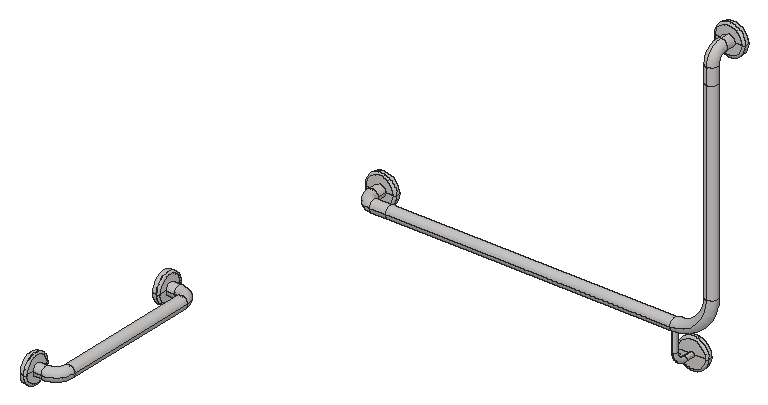
Revit family "RBA4090-345", category Plumbing Fixtures, Revit 2021
Family settings
  Round Connector Dimension = Use Diameter
  Part Type = Normal
  Work Plane-Based = No
  Always vertical = No
  Cut with Voids When Loaded = No
  Shared = No
  Room Calculation Point = No
Parameters (values of type "RBA4090-345")
  Watermarked By = "www.rba.com.au"
  URL = "http://www.rba.com.au/accessible-disabled/grab-rails"
  Phone Number = "1300 788 778"
  OFFSET = 1000.00 mm
  Modified Issue = "20190806.01"
  Model = "RBA4090-345"
  Materials and Finishes = Stainless Steel, Satin Finish
  Manufacturer Model = ""
  Manufacturer = "RBA Group"
  Distance Away from Wall [instance] = 100.00 mm
  Distance Away from Toilet [instance] = 1090.00 mm
  Description = "90° WC Grab Rail Set - Left Hand, 450 Straight"
  Default Elevation = 0.00 mm
  Copyrighted by = "RBA Group"  # constant formula
  Assembly Code = ""
Reference planes
  plane 1 "Center (Front/Back)": y = 0
  plane 2: z = 0
  plane 3: x = 40.5
  plane 4: z = 1000
  plane 5: z = 1700
  plane 6: z = 900
  plane 7: x = -59.5
  plane 8: x = -909.5
  plane 9: x = -1009.5
  plane 10: y = -57
  plane 11: y = -89
  plane 12: y = -1090
  plane 13: y = -1074
  plane 14: x = -920.5
  plane 15: x = -952.5
  plane 16: x = 24.5
  plane 17: z = 1016
Dimensions and locks
  "OFFSET": plane 4 to plane 2
  locked: plane 10 to plane 1 "Center (Front/Back)" at 57
  locked: plane 1 "Center (Front/Back)" to plane 11 at 89
  "Distance Away from Wall": plane 9 to plane 8
  locked: plane 13 to plane 12 at 16
  "Distance Away from Toilet": plane 1 "Center (Front/Back)" to plane 12
  plane 8 to plane 14 to plane 9 = 11.00 mm, 89.00 mm
  aligned and locked: plane 3 to nested 1
  aligned and locked: plane 4 to nested 1
  aligned and locked: nested 2 to plane 9
  aligned and locked: plane 13 to nested 2
  aligned and locked: nested 2 to plane 4
Nested families
  nested 1: "RBA4090-901" at (-950, 0, 1000), type "RBA4090-901"
  nested 2: "RBA4000-000" at (-1009.5, -2002, 1000) x (0, 1, 0) z (0, 0, 1), type "RBA4000-045"
Definition of nested family "RBA4090-901"
  Parameters (values of type "RBA4090-901")
    Watermarked By = "www.rba.com.au"
    URL = "http://www.rba.com.au/accessible-disabled/grab-rails"
    R_Void [instance] = 15.00 mm
    R [instance] = 0.00 mm
    Phone Number = "1300 788 778"
    Model = "RBA4090-901"
    Manufacturer Model = "B819436"
    Manufacturer = "Bobrick"
    Description = "90° Angled Grab Rails"
    Default Elevation = 0.00 mm
    Copyrighted by = "RBA Group"  # constant formula
    BAR = none
    Assembly Code = ""
  Reference planes
    plane 1 "Center (Front/Back)": y = 0
    plane 2: z = 0
    plane 3: x = 40.5
    plane 4: z = -30
    plane 5: z = 30
    plane 6: x = 70.5
    plane 7: x = 10.5
    plane 8: x = 990.5
    plane 9: x = 515.5
    plane 10: z = 670
    plane 11: z = 730
    plane 12: x = 960.5
    plane 13: x = 1020.5
    plane 14: z = 700
    plane 15: z = -130
    plane 16: z = -70
    plane 17: x = 920.5
    plane 18: x = 860.5
    plane 19: x = 890.5
    plane 20: z = -100
  Forms (mm)
    Extrusion 1, solid
      sketch origin (40.5, -2.628, 315.907) x (0, 0, -1) y (-1, 0, 0)
        loop
          circle (315.907, 0) r 40
      from -0.219 to 2.628
    Revolve 2, solid
      sketch origin (40.5, 18.663, 0) x (0, -1, 0) y (1, 0, 0)
        loop
          line (18.663, 0) -> (18.663, -41.5) -> (27.844, -41.5)
          arc (27.844, -41.5) -> (31.337, -40.077) -> (32.842, -36.617) r 5
          line (32.842, -36.617) -> (33.701, 0) -> (18.663, 0)
        axis (18.663, 0) -> (33.701, 0)
      angle from 0 to 360
    Extrusion 3, void
      sketch origin (40.5, 34.941, 315.907) x (0, 0, -1) y (-1, 0, 0)
        loop
          circle (315.907, -30) r 5
        loop
          circle (315.907, 30) r 5
      from -37.788 to -30
    Sweep 4, solid
      path origin (40.5, 9.454, 0) x (0, -1, 0) y (-1, 0, 0)
        loop
          line (12.302, 0) -> (50.454, 0)
          arc (50.454, 0) -> (73.082, -9.373) -> (82.454, -32) r 32
          line (82.454, -32) -> (82.454, -76)
      profile origin (40.5, -21.924, 0) x (1, 0, 0) y (0, 0, 1)
        loop
          circle (0, 0) r 16
    Extrusion 5, solid
      sketch origin (990.5, -2.628, 1015.907) x (0, 0, -1) y (-1, 0, 0)
        loop
          circle (315.907, 0) r 40
      from -0.219 to 2.628
    Extrusion 6, void
      sketch origin (990.5, 34.941, 1015.907) x (0, 0, -1) y (-1, 0, 0)
        loop
          circle (315.907, 30) r 5
        loop
          circle (315.907, -30) r 5
      from -37.788 to -30
    Sweep 7, solid
      path origin (1690.5, 9.454, 700) x (0, -1, 0) y (0, 0, 1)
        loop
          line (12.302, 0) -> (50.454, 0)
          arc (50.454, 0) -> (73.082, -9.373) -> (82.454, -32) r 32
          line (82.454, -32) -> (82.454, -76)
      profile origin (1690.5, -21.924, 700) x (0, 0, 1) y (-1, 0, 0)
        loop
          circle (0, 700) r 16
    Revolve 8, solid
      sketch origin (990.5, 18.663, 700) x (0, -1, 0) y (1, 0, 0)
        loop
          line (18.663, 0) -> (33.701, 0) -> (32.842, 36.617)
          arc (32.842, 36.617) -> (31.337, 40.077) -> (27.844, 41.5) r 5
          line (27.844, 41.5) -> (18.663, 41.5) -> (18.663, 0)
        axis (18.663, 0) -> (33.701, 0)
      angle from 0 to 360
    Sweep 9, solid
      path origin (0, 0, 0) x (1, 0, 0) y (0, 0, 1)
        loop
          line (116.5, 0) -> (890.5, 0)
          arc (890.5, 0) -> (961.211, 29.289) -> (990.5, 100) r 100
          line (990.5, 100) -> (990.5, 624)
      profile origin (503.5, 0, 0) x (0, 0, 1) y (0, -1, 0)
        loop
          circle (0, 73) r 16
    Extrusion 10, solid
      sketch origin (890.5, -2.628, 215.907) x (0, 0, -1) y (-1, 0, 0)
        loop
          circle (315.907, 0) r 40
      from -0.219 to 2.628
    Revolve 11, solid
      sketch origin (890.5, 18.663, -100) x (0, -1, 0) y (1, 0, 0)
        loop
          line (18.663, 0) -> (18.663, -41.5) -> (27.844, -41.5)
          arc (27.844, -41.5) -> (31.337, -40.077) -> (32.842, -36.617) r 5
          line (32.842, -36.617) -> (33.701, 0) -> (18.663, 0)
        axis (18.663, 0) -> (33.701, 0)
      angle from 0 to 360
    Sweep 12, solid
      path origin (890.5, 9.454, -100) x (0, -1, 0) y (0, 0, -1)
        loop
          line (12.302, 0) -> (50.454, 0)
          arc (50.454, 0) -> (73.082, -9.373) -> (82.454, -32) r 32
          line (82.454, -32) -> (82.454, -100)
      profile origin (890.5, -21.924, -100) x (0, 0, -1) y (1, 0, 0)
        loop
          circle (0, 0) r 6
    Extrusion 13, void
      sketch origin (890.5, 34.941, 215.907) x (0, 0, -1) y (-1, 0, 0)
        loop
          circle (315.907, -30) r 5
        loop
          circle (315.907, 30) r 5
      from -37.788 to -30
  Cuts and joins
    Extrusion 3, Extrusion 6, Extrusion 13 cuts Extrusion 1
    Extrusion 3, Extrusion 6, Extrusion 13 cuts Revolve 2
    Extrusion 13 cuts Sweep 4
    Extrusion 6 cuts Revolve 8
    Extrusion 13 cuts Revolve 11
    joined: Revolve 2, Sweep 4, Sweep 7, Revolve 8, Sweep 9, Revolve 11, Sweep 12
    Extrusion 6 cuts Extrusion 5
    Extrusion 13 cuts Extrusion 10
  Dimensions and locks
    Revolve 2 sketch curve to Revolve 2 sketch curve = 41.50 mm
    plane 5 to level to plane 4 = 30.00 mm, 30.00 mm
    plane 7 to plane 6 = 60.00 mm
    plane 11 to plane 10 = 60.00 mm
    plane 12 to plane 13 = 60.00 mm
    Revolve 8 sketch curve to Revolve 8 sketch curve = 41.50 mm
    Revolve 11 sketch curve to Revolve 11 sketch curve = 41.50 mm
    plane 16 to plane 15 = 60.00 mm
    plane 18 to plane 17 = 60.00 mm
    level to plane 20 = 100.00 mm
    plane 14 to level = 700.00 mm
    plane 8 to plane 19 = 100.00 mm
    plane 8 to plane 3 = 950.00 mm
    radius of Extrusion 1 sketch curve = 40.00 mm
    radius of Sweep 4 sketch curve = 16.00 mm
    radius of Extrusion 5 sketch curve = 40.00 mm
    radius of Sweep 7 sketch curve = 16.00 mm
    radius of Extrusion 10 sketch curve = 40.00 mm
    radius of Sweep 12 sketch curve = 6.00 mm
    aligned and locked: Revolve 2 to Extrusion 1
    aligned and locked: Revolve 11 to Extrusion 10
Definition of nested family "RBA4000-000"
  Parameters (values of type "RBA4000-045")
    Watermarked By = "www.rba.com.au"
    URL = "http://www.rba.com.au/accessible-disabled/grab-rails"
    Length of Rail = 450.00 mm
    Phone Number = "1300 788 778"
    Model = "RBA4110-923"
    Manufacturer = "RBA GROUP"
    Description = "90deg Angled Shower Grab Rail"
    Default Elevation = 1219.20 mm
    Copyrighted By = "RBA Group"  # constant formula
    BAR = none
    Assembly Code = ""
  Reference planes
    plane 1 "Center (Front/Back)": y = 0
    plane 2: x = 928
    plane 3: x = 1378
    plane 4: z = 0
    plane 5: through (1334.776, 25.441, -51.059) normal (-0.515, 0, 0.8572)
    plane 6: through (1450.22, 25.441, 99.629) normal (0.8572, 0, 0.515)
    plane 7: through (1403.075, 25.441, 71.301) normal (0.8572, 0, 0.515)
    plane 8: y = -89
    plane 9: y = -57
  Forms (mm)
    Sweep 1, solid
      path origin (1651.954, -750, 0) x (-1, 0, 0) y (0, -1, 0)
        loop
          line (723.954, -740) -> (723.954, -711)
          arc (723.954, -711) -> (713.996, -686.958) -> (689.954, -677) r 34
          line (689.954, -677) -> (305.954, -677)
          arc (305.954, -677) -> (283.327, -686.373) -> (273.954, -709) r 32
          line (273.954, -709) -> (273.954, -740)
      profile origin (1154, -73, 0) x (0, 1, 0) y (0, 0, 1)
        loop
          circle (0, 0) r 16
    Extrusion 2, solid
      sketch origin (640.5, -2.628, 315.907) x (0, 0, -1) y (-1, 0, 0)
        loop
          circle (315.907, -287.5) r 37.5
      from -7.372 to 2.628
    Revolve 3, solid
      sketch origin (640.5, 18.663, 0) x (0, -1, 0) y (1, 0, 0)
        loop
          line (18.663, 287.5) -> (33.818, 287.5) -> (33.018, 321.617)
          arc (33.018, 321.617) -> (31.513, 325.077) -> (28.02, 326.5) r 5
          line (28.02, 326.5) -> (18.663, 326.5) -> (18.663, 287.5)
        axis (18.663, 287.5) -> (33.818, 287.5)
      angle from 0 to 360
    Extrusion 4, void
      sketch origin (215.296, 34.941, 270.785) x (0.515038, 0, -0.857167) y (-0.857167, 0, -0.515038)
        loop
          circle (597.166, -498.868) r 5
        loop
          circle (599.178, -443.942) r 5
      from -46.533 to -34.941
    Extrusion 5, solid
      sketch origin (1315.5, -2.628, 315.907) x (0, 0, -1) y (-1, 0, 0)
        loop
          circle (315.907, -62.5) r 37.5
      from -7.372 to 2.628
    Revolve 6, solid
      sketch origin (1315.5, 18.663, 0) x (0, -1, 0) y (1, 0, 0)
        loop
          line (18.663, 62.5) -> (36.046, 62.5) -> (35.246, 96.617)
          arc (35.246, 96.617) -> (33.742, 100.077) -> (30.248, 101.5) r 5
          line (30.248, 101.5) -> (18.663, 101.5) -> (18.663, 62.5)
        axis (18.663, 62.5) -> (36.046, 62.5)
      angle from 0 to 360
    Extrusion 7, void
      sketch origin (1315.296, 34.941, 270.785) x (0.515038, 0, -0.857167) y (-0.857167, 0, -0.515038)
        loop
          circle (264.403, 58.217) r 5
        loop
          circle (264.403, 113.217) r 5
      from -44.941 to -34.941
    Extrusion 8, void
      sketch origin (978, 0, 1415.907) x (0, 0, 1) y (-1, 0, 0)
        loop
          circle (-1430.457, -424.215) r 5
        loop
          circle (-1401.357, -375.785) r 5
        loop
          circle (-1444.157, -400) r 5
      from 0 to 5
    Extrusion 9, void
      sketch origin (815.5, 0, 1415.907) x (0, 0, 1) y (-1, 0, 0)
        loop
          circle (-1430.457, -136.715) r 5
        loop
          circle (-1444.157, -112.5) r 5
        loop
          circle (-1401.357, -88.285) r 5
      from 0 to 5
  Cuts and joins
    Extrusion 4, Extrusion 9 cuts Extrusion 2
    Extrusion 4, Extrusion 9 cuts Revolve 3
    Extrusion 7, Extrusion 8 cuts Revolve 6
    joined: Sweep 1, Revolve 3, Revolve 6
    Extrusion 7, Extrusion 8 cuts Extrusion 5
  Dimensions and locks
    locked: Revolve 3 sketch curve to Revolve 3 sketch curve at 39
    locked: Revolve 6 sketch curve to Revolve 6 sketch curve at 39
    plane 7 to plane 6 = 55.00 mm
    locked: plane 3 to Extrusion 5 sketch curve
    locked: Extrusion 5 sketch curve to plane 4
    locked: Extrusion 8 sketch curve to plane 3 at 24.215
    locked: Extrusion 8 sketch curve to plane 4 at 14.55
    locked: plane 3 to Extrusion 7 sketch curve at 23.572
    locked: Extrusion 7 sketch curve to plane 4 at 14.164
    plane 1 "Center (Front/Back)" to Revolve 6 sketch curve = 17.383 mm
    locked: Extrusion 2 sketch curve to plane 2
    locked: Extrusion 2 sketch curve to plane 4 at 0
    locked: plane 2 to Extrusion 9 sketch curve at 24.215
    locked: plane 4 to Extrusion 9 sketch curve at 14.55
    locked: Extrusion 8 sketch curve to plane 3 at 0
    locked: plane 3 to Extrusion 8 sketch curve at 24.215
    locked: Extrusion 8 sketch curve to plane 4 at 28.25
    locked: plane 4 to Extrusion 8 sketch curve at 14.55
    locked: plane 4 to Extrusion 7 sketch curve at 14.164
    locked: Extrusion 7 sketch curve to plane 3 at 23.572
    locked: Revolve 6 sketch curve to plane 3 at 34.117
    plane 1 "Center (Front/Back)" to Revolve 6 sketch curve = 16.583 mm
    locked: plane 1 "Center (Front/Back)" to plane 9 at 57
    locked: plane 1 "Center (Front/Back)" to plane 8 at 89
    locked: level to Sweep 1 sketch curve at 0
    equal spacing: plane 9, profile plane, plane 8
    equal spacing: plane 8, Sweep 1 sketch curve, plane 9
    "Length of Rail": plane 3 to plane 2
    radius of Sweep 1 sketch curve = 16.00 mm
    aligned and locked: Extrusion 2 to Revolve 3
    aligned and locked: Extrusion 5 to Revolve 6
    aligned and locked: Extrusion 2 to Extrusion 4
    aligned and locked: Extrusion 5 to Extrusion 7
    aligned and locked: Sweep 1 to Extrusion 7
    aligned and locked: plane 3 to Sweep 1 sketch curve
    aligned and locked: cut or joined group of Extrusion 5, Extrusion 7, Extrusion 8 to Sweep 1 sketch curve
    aligned and locked: Sweep 1 sketch curve to plane 2
    aligned and locked: cut or joined group of Extrusion 2, Extrusion 4, Extrusion 9 to Sweep 1 sketch curve
    aligned and locked: Revolve 3 sketch curve to plane 2  (x2)
  Automatic sketch dimensions
    Sweep 1 sketch curve to plane 9 = 16.00 mm
    Sweep 1 sketch curve to plane 9 = 18.00 mm
    Sweep 1 sketch curve to profile plane = 0.00 mm
    plane 1 "Center (Front/Back)" to Revolve 3 sketch curve = 0.00 mm
    plane 1 "Center (Front/Back)" to Revolve 3 sketch curve = 9.356 mm
    Revolve 3 sketch curve to Revolve 3 sketch curve = 4.999 mm
    plane 1 "Center (Front/Back)" to Revolve 3 sketch curve = 15.155 mm
    Revolve 3 sketch curve to Revolve 3 sketch curve = 5.00 mm
    Revolve 3 sketch curve to Revolve 3 sketch curve = 21.537 mm
    Revolve 3 sketch curve to plane 9 = 13.537 mm
    level to Extrusion 4 sketch curve = 15.85 mm
    plane 2 to Extrusion 4 sketch curve = 22.473 mm
    Extrusion 4 sketch curve to Extrusion 4 sketch curve = 2.012 mm
    Extrusion 4 sketch curve to Extrusion 4 sketch curve = 54.926 mm
    Revolve 6 sketch curve to plane 3 = 0.00 mm  (x2)
    plane 1 "Center (Front/Back)" to Revolve 6 sketch curve = 0.00 mm
    Revolve 6 sketch curve to Revolve 6 sketch curve = 4.999 mm
    Revolve 6 sketch curve to plane 1 "Center (Front/Back)" = 21.537 mm
    Revolve 6 sketch curve to plane 9 = 13.537 mm
    Extrusion 9 sketch curve to plane 2 = 0.00 mm
    Extrusion 9 sketch curve to level = 14.55 mm
    Extrusion 9 sketch curve to Extrusion 9 sketch curve = 13.70 mm
    plane 2 to Extrusion 9 sketch curve = 24.215 mm
    radius of Extrusion 2 sketch curve = 37.50 mm
    radius of Extrusion 4 sketch curve = 5.00 mm  (x2)
    radius of Extrusion 5 sketch curve = 37.50 mm
    radius of Extrusion 7 sketch curve = 5.00 mm  (x2)
    radius of Extrusion 8 sketch curve = 5.00 mm  (x3)
    radius of Extrusion 9 sketch curve = 5.00 mm  (x3)
  Nested families
    nested 1: "FamilyID" at (1.5, 0, 0), type "FamilyID"
  Definition of nested family "FamilyID"
    Reference planes
      plane 1: y = 0
      plane 2: x = 0
    Text (mm)
      text "RBA COPYRIGHT" at (0.001, 0.001, 0)
